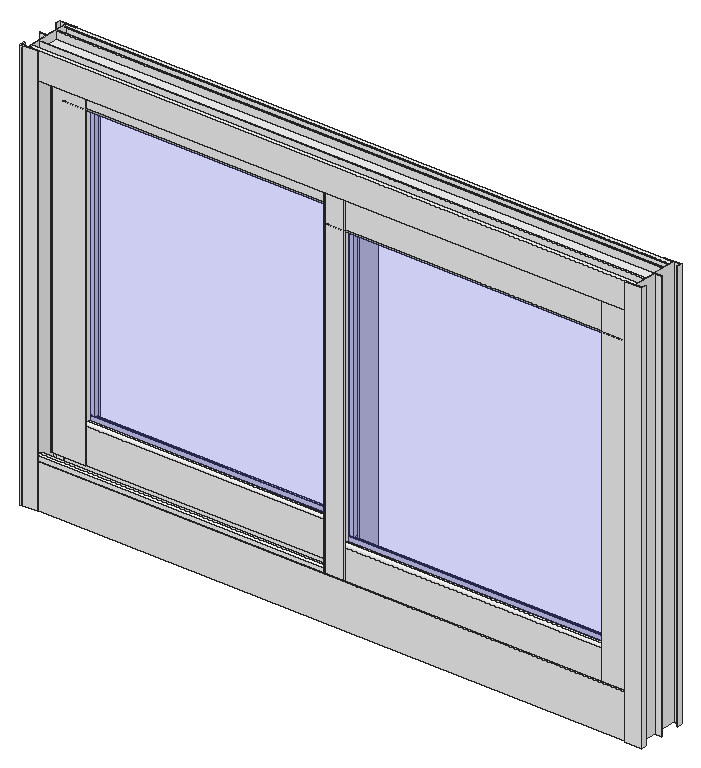
Revit family "Elite_XX_Custom", category Windows, host Wall, Revit 2014
Parameters (values of type "XX_Custom")
  Windload Design = if(Custom Windload < 1001 mm, 1000 mm, if(Custom Windload < 1501 mm, 1500 mm, 2000 mm))  # 1000 mm
  Width Sash Right [instance] = 447.9 mm
  Width Sash Left [instance] = 447.9 mm
  Wall Thickness [instance] = 200 mm
  Standard Interlocker = not(Inside Heavy Duty Interlocker)  # yes
  Sash Width Right = (Width - (2 mm * 12) - Sash Width Left) + 29.8 mm  # 447.9 mm
  Sash Width Left = if(Equal Sash Width, ((Width - (2 mm * 12)) / 2) + 14.9 mm, if(Custom Sash Width Left < Limit Sash Width Left Min, Limit Sash Width Left Min, if(Custom Sash Width Left > Limit Sash Width Left Max, Limit Sash Width Left Max, Custom Sash Width Left)))  # 447.9 mm
  Sash Side Spacing = 0.5 mm  # constant formula
  Sash Height = Height - 29 mm - 54 mm  # 507 mm
  Sash Frame Seal = 2.6 mm  # constant formula
  Rough Width = 2.5 mm
  Overall Width [instance] = 890 mm
  Overall Height [instance] = 590 mm
  Outside Heavy Duty Interlocker = if(Interlocker Configuration = 2 mm, 1 = 1, 1 = 0)  # no
  Max Pane Area = if(Area Right Sash Glazing > Area Left Sash Glazing, Area Right Sash Glazing, Area Left Sash Glazing)  # 0.160149 m²
  Limit Window Width Min = (2 * Limit Sash Width Min) + (2 mm * 12) - 29.8 mm  # 594.2 mm
  Limit Window Width Max = if(Windload Design = 1000 mm, (2 * Limit Sash Width Max) + (2 mm * 12) - 29.8 mm, if(Windload Design = 1500 mm, if(Custom Window Height > 1490 mm, 1490 mm, (2 * Limit Sash Width Max) + (2 mm * 12) - 29.8 mm), if(Custom Window Height > 1490 mm, 890 mm, (2 * Limit Sash Width Max) + (2 mm * 12) - 29.8 mm)))  # 2994.2 mm
  Limit Window Height Min = Limit Sash Height Min + (29 mm + 54 mm)  # 383 mm
  Limit Window Height Max = if(Windload Design = 1000 mm, Limit Sash Height Max + (29 mm + 54 mm), if(Windload Design = 1500 mm, if(and(Custom Window Width > 1490 mm, Custom Window Height > 1490 mm), 1490 mm, Limit Sash Height Max + (29 mm + 54 mm)), if(and(Custom Window Width > 890 mm, Custom Window Height > 1490 mm), 1490 mm, Limit Sash Height Max + (29 mm + 54 mm))))  # 1883 mm
  Limit Sash Width Min = 300 mm  # constant formula
  Limit Sash Width Max = 1500 mm  # constant formula
  Limit Sash Width Left Min = if(Width - (2 mm * 12) - Limit Sash Width Max + 29.8 mm < Limit Sash Width Min, Limit Sash Width Min, Width - (2 mm * 12) - Limit Sash Width Max + 29.8 mm)  # 300 mm
  Limit Sash Width Left Max = if(Width - (2 mm * 12) - Limit Sash Width Min + 29.8 mm > Limit Sash Width Max, Limit Sash Width Max, Width - (2 mm * 12) - Limit Sash Width Min + 29.8 mm)  # 595.8 mm
  Limit Sash Height Min = 300 mm  # constant formula
  Limit Sash Height Max = 1800 mm  # constant formula
  Interlocker Configuration = if(Windload Design = 1000 mm, if(or(not(Height > 890 mm), or(and(not(Height > 1190 mm), not(Width > 2690 mm)), and(not(Height > 1490 mm), not(Width > 890 mm)))), 0 mm, if(and(Height > 1490 mm, Width > 1190 mm), 2 mm, 1 mm)), if(Windload Design = 1500 mm, if(or(and(not(Width > 1190 mm), not(Height > 1190 mm)), not(Height > 890 mm)), 0 mm, if(or(and(Width > 1790 mm, Height > 1190 mm), and(Width > 890 mm, Height > 1490 mm)), 2 mm, 1 mm)), if(or(not(Height > 890 mm), and(not(Width > 890 mm), not(Height > 1190 mm))), 0 mm, if(or(Height > 1490 mm, and(Width > 1190 mm, Height > 1190 mm)), 2 mm, 1 mm))))  # 0 mm
  Height Sash [instance] = 507 mm
  Height = if(Custom Window Height < Limit Window Height Min, Limit Window Height Min, if(Custom Window Height > Limit Window Height Max, Limit Window Height Max, Custom Window Height))  # 590 mm
  Inside Heavy Duty Interlocker = if(or(Interlocker Configuration = 1 mm, Interlocker Configuration = 2 mm), 1 = 1, 1 = 0)  # no
  Glazing Thickness = if(not(Max Pane Area > 0.75 m²), 4 mm, if(not(Max Pane Area > 1.50 m²), 4 mm, if(not(Max Pane Area > 2.10 m²), 5 mm, if(not(Max Pane Area > 2.90 m²), 6.4 mm, if(not(Max Pane Area > 4.30 m²), 8 mm, 10 mm)))))  # 4 mm
  Glass Type = Glass
  Frame Thickness = 70.3 mm  # constant formula
  Frame Offset From Exterior [instance] = if(Centered In Wall, (Wall Thickness - Frame Thickness) / 2, Custom Frame Offset From Exterior)  # 64.85 mm
  Equal Sash Width = yes
  Default Sill Height = 800 mm
  Wall Closure = By host
  Width = if(Custom Window Width < Limit Window Width Min, Limit Window Width Min, if(Custom Window Width > Limit Window Width Max, Limit Window Width Max, Custom Window Width))  # 890 mm
  Custom Window Width = 890 mm
  Custom Window Height = 590 mm
  Custom Windload = 1000 mm
  Custom Sash Width Left = 600 mm
  Custom Frame Offset From Exterior = 0 mm
  Centered In Wall = yes
  Area Right Sash Glazing = (Sash Width Right - 21 mm - 41 mm) * (Sash Height - (46 mm * 2))  # 0.160149 m²
  Area Left Sash Glazing = (Sash Width Left - 21 mm - 41 mm) * (Sash Height - (46 mm * 2))  # 0.160149 m²
  Aluminium Finish [instance] = White Powder Coated Aluminium ANP 1052
Reference planes
  plane 1 "Center (Front/Back)": y = 0
  plane 2 "Center (Left/Right)": x = 0
  plane 3 "Left": x = -445
  plane 4 "Right": x = 445
  plane 5 "Sill": z = 800
  plane 6 "Head": z = 1390
  plane 7 "Exterior": y = 100
  plane 8 "Interior": y = -100
Lines and regions (mm)
  Opening 1
    outline origin (3500, -100, 0) x (1, 0, 0) y (0, 0, 1)
      loop
        line (-3055, 800) -> (-3055, 1390) -> (-3945, 1390) -> (-3945, 800) -> (-3055, 800)
Text (mm)
  text "EXTERIOR" at (-1963.203, 1332.353, 0), in view "Ref. Level"
  text "INTERIOR" at (-1981.466, -818.386, 0), in view "Ref. Level"
  text "Exterior" at (0, 923.751, 2943.296), in view "Right"
  text "Exterior" at (0, 1040.484, 2685.409), in view "Left"
Dimensions and locks
  equal spacing: plane 3 "Left", plane 2 "Center (Left/Right)", plane 4 "Right"
  "Width": plane 3 "Left" to plane 4 "Right"
  "Height": plane 5 "Sill" to plane 6 "Head"
  "Default Sill Height": plane 5 "Sill" to level
  locked: plane 7 "Exterior" to host wall at 0
  locked: plane 8 "Interior" to host wall
  "Overall Height": plane 6 "Head" to plane 5 "Sill"
  "Overall Width": plane 3 "Left" to plane 4 "Right"
  "Sash Side Spacing": nested 1 to nested 3
  "Sash Side Spacing": nested 2 to nested 1
  "Width Sash Left": nested 2 to nested 2
  "Height Sash": nested 2 to nested 2
  "Width Sash Right": nested 3 to nested 3
  "Frame Offset From Exterior": nested 1 to plane 7 "Exterior"
  locked: nested 1 to nested 3 at 0.7
  locked: nested 2 to nested 1 at 1
  aligned and locked: nested 1 to plane 6 "Head"
  aligned and locked: nested 1 to plane 3 "Left"
  aligned and locked: nested 3 to nested 1
  aligned and locked: nested 2 to nested 1
Automatic sketch dimensions
  plane 3 "Left" to Opening 1 sketch curve = 0 mm
  plane 4 "Right" to Opening 1 sketch curve = 0 mm
  Opening 1 sketch curve to plane 5 "Sill" = 0 mm
  Opening 1 sketch curve to plane 6 "Head" = 0 mm
Nested families
  nested 1: "Elite_Frame_OX_XX" at (445, -35.15, 800), Profile Material <- "Aluminium Finish", Width <- "Width", Height <- "Height", type "Elite_Frame_OX_XX"
    with Width 890 mm, Profile Material White Powder Coated Aluminium ANP 1052, Length Jamb 590 mm, Length Head & Sill 867 mm, Height 590 mm
  nested 2: "Elit_Sash_Inner" at (433, -30.5, 854), Profile Material <- "Aluminium Finish", Glazing Material <- "Glass Type", Sash Width <- "Sash Width Left", Sash Height <- "Sash Height", Glazing Thickness <- "Glazing Thickness", Is Heavy Duty Interlocker <- "Inside Heavy Duty Interlocker", type "Elit_Sash_Inner"
    with Sash Width 447.9 mm, Sash Height 507 mm, Right Sliding yes, Profile Material White Powder Coated Aluminium ANP 1052, Length Sash Head & Sill 431.9 mm, Length Arrow Tip 35.081 mm, Length Arrow 115.767 mm, Left Sliding no, Is Standard Interlocker yes, Is Sliding yes, Is Heavy Duty Interlocker no, Glazing Width 385.9 mm, Glazing Thickness 4 mm, Glazing Start -2 mm, Glazing Material Glass, Glazing Height 415 mm, Glazing Frame Side Gap 3 mm, Glazing End 2 mm, Arrow Tip Length 35.081 mm, Arrow Left Gap 135.067 mm, Arrow Bottom Gap 207.5 mm
  nested 3: "Elite_Sash_Outer" at (-433, 30.2, 854) x (-1, 0, 0) z (0, 0, 1), Profile Material <- "Aluminium Finish", Glazing Material <- "Glass Type", Glazing Thickness <- "Glazing Thickness", Sash Width <- "Sash Width Right", Sash Height <- "Sash Height", Is Heavy Duty Interlocker <- "Outside Heavy Duty Interlocker", type "Elite_Sash_Outer"
    with Sash Width 447.9 mm, Sash Height 507 mm, Right Sliding yes, Profile Material White Powder Coated Aluminium ANP 1052, Length Sash Head & Sill 431.9 mm, Length Arrow Tip 35.081 mm, Length Arrow 115.767 mm, Left Sliding no, Is Standard Interlocker yes, Is Sliding yes, Is Heavy Duty Interlocker no, Glazing Width 385.9 mm, Glazing Thickness 4 mm, Glazing Start -2 mm, Glazing Material Glass, Glazing Height 415 mm, Glazing Frame Side Gap 3 mm, Glazing End 2 mm, Arrow Tip Length 35.081 mm, Arrow Left Gap 135.067 mm, Arrow Bottom Gap 207.5 mm
Definition of nested family "Elite_Frame_OX_XX"
  Parameters (values of type "Elite_Frame_OX_XX")
    Width [instance] = 600 mm
    Profile Material [instance] = none
    Length Jamb [instance] = Height  # 900 mm
    Length Head & Sill [instance] = Width - 2 * 11.5 mm  # 577 mm
    Height [instance] = 900 mm
  Reference planes
    plane 1 "Center (Front/Back)": y = 0
    plane 2: z = 0
    plane 3 "Center (Left/Right)": x = 0
  Dimensions and locks
    aligned and locked: level to plane 2
    aligned and locked: nested 2 to plane 2
    aligned and locked: plane 3 "Center (Left/Right)" to nested 2
    aligned and locked: plane 1 "Center (Front/Back)" to nested 2
    aligned and locked: nested 1 to nested 2  (x2)
    aligned and locked: nested 2 to nested 3
    aligned and locked: nested 2 to nested 1
    aligned and locked: nested 4 to plane 1 "Center (Front/Back)"
    aligned and locked: nested 4 to nested 1
    aligned and locked: plane 2 to nested 4
    aligned and locked: nested 3 to nested 2
    aligned and locked: nested 3 to nested 4
  Nested families
    nested 1: "Elite_Frame_Sill" at (-11.5, 68.5, 0) x (-1, 0, 0) z (0, 0, 1), Profile Material <- "Profile Material", Length Frame Sill <- "Length Head & Sill", type "Elite_Frame_Sill"
      with Profile Material none, Length Frame Sill 577 mm
    nested 2: "Elite_Frame_Jamb_Mirror" at (-24.5, 70.3, 0) x (0, -1, 0) z (0, 0, 1), Profile Material <- "Profile Material", Length Frame Jamb <- "Length Jamb", type "Elite_Frame_Jamb_Mirror"
      with Profile Material none, Length Frame Jamb 900 mm
    nested 3: "Elite_Frame_Head" at (-588.5, 1.5, 759.46), Profile Material <- "Profile Material", Length Frame Head <- "Length Head & Sill", type "Elite_Frame_Head"
      with Profile Material none, Length Frame Head 577 mm
    nested 4: "Elite_Frame_Jamb" at (-575.5, 70.3, 0) x (0, -1, 0) z (0, 0, 1), Profile Material <- "Profile Material", Length Frame Jamb <- "Length Jamb", type "Elite_Frame_Jamb"
      with Profile Material none, Length Frame Jamb 900 mm
  Definition of nested family "Elite_Frame_Sill"
    Parameters (values of type "Elite_Frame_Sill")
      Profile Material [instance] = none
      Length Frame Sill [instance] = 250 mm
    Reference planes
      plane 1 "Center (Front/Back)": y = 0
      plane 2: z = 0
      plane 3 "Center (Left/Right)": x = 0
    Forms (mm)
      Extrusion 1, solid, material <- "Profile Material"
        sketch origin (0, 0, 0) x (0, 1, 0) y (0, 0, 1)
          loop
            line (20.5, 61.807) -> (15.922, 62.99) -> (11.5, 61.805) -> (11.5, 54) -> (12.9, 54) -> (12.9, 60.734) -> (16.078, 61.54) -> (19.1, 60.731) -> (19.1, 37) -> (12.88, 36.997) -> (0, 35.262) -> (0, 11.5) -> (1.4, 11.5) -> (1.4, 15) -> (12, 15) -> (12, 0) -> (17, 0) -> (17, 1) -> (13.4, 1) -> (13.4, 5) -> (17, 5) -> (17, 6) -> (13.4, 6) -> (13.4, 18.532) -> (65.6, 20.009) -> (65.6, 6) -> (62, 6) -> (62, 5) -> (65.6, 5) -> (65.6, 1) -> (62, 1) -> (62, 0) -> (67, 0) -> (67, 63) -> (65.6, 63) -> (65.6, 37) -> (55.5, 37) -> (55.5, 61.807) -> (50.922, 62.99) -> (46.5, 61.805) -> (46.5, 54) -> (47.9, 54) -> (47.9, 60.734) -> (51.078, 61.54) -> (54.1, 60.731) -> (54.1, 37) -> (20.5, 37) -> (20.5, 61.807)
          loop
            line (65.6, 35.6) -> (12.994, 35.6) -> (1.4, 34.038) -> (1.4, 16.4) -> (12, 16.4) -> (12, 19.893) -> (65.6, 21.409) -> (65.6, 35.6)
        from 0 to 250 <- "Length Frame Sill"
    Dimensions and locks
      aligned and locked: level to plane 2
  Definition of nested family "Elite_Frame_Jamb_Mirror"
    Parameters (values of type "Elite_Frame_Jamb_Mirror")
      Void Spacing Top = 13 mm  # constant formula
      Void Spacing Bottom = 38 mm  # constant formula
      Void Cut Length = 13 mm  # constant formula
      Profile Material [instance] = none
      Length Frame Jamb [instance] = 250 mm
    Reference planes
      plane 1 "Center (Front/Back)": y = 0
      plane 2: z = 0
      plane 3 "Center (Left/Right)": x = 0
    Forms (mm)
      Extrusion 1, solid, material <- "Profile Material"
        sketch origin (-5.594, -3.252, 0) x (1, 0, 0) y (0, 1, 0)
          loop
            line (74.394, 26.252) -> (74.394, 17.752) -> (41.394, 17.752) -> (41.394, 27.752) -> (40.094, 27.752) -> (40.094, 17.752) -> (7.094, 17.752) -> (7.094, 26.252) -> (12.594, 26.252) -> (12.594, 27.752) -> (5.594, 27.752) -> (5.594, 3.252) -> (7.094, 3.252) -> (7.094, 16.252) -> (49.743, 16.252) -> (49.743, 10.75) -> (52.03, 3.252) -> (53.599, 3.252) -> (50.994, 11.791) -> (50.994, 16.252) -> (65.494, 16.252) -> (65.494, 11.791) -> (62.888, 3.252) -> (64.457, 3.252) -> (66.744, 10.793) -> (66.744, 16.252) -> (74.394, 16.252) -> (74.394, 3.252) -> (75.894, 3.252) -> (75.894, 27.752) -> (68.894, 27.752) -> (68.894, 26.252) -> (74.394, 26.252)
        from 0 to 250 <- "Length Frame Jamb"
      Extrusion 2, void
        sketch origin (70.3, 0, 0) x (1, 0, 0) y (0, 0, -1)
          loop
            line (-26.151, -237) -> (-26.151, -250) -> (-9.15, -250) -> (-9.15, -237) -> (-26.151, -237)
          loop
            line (-26.151, -38) -> (-9.15, -38) -> (-9.15, 0) -> (-26.151, 0) -> (-26.151, -38)
        from 0 to 13 <- "Void Cut Length"
    Cuts and joins
      Extrusion 2 cuts Extrusion 1
    Dimensions and locks
      "Void Spacing Top": Extrusion 2 sketch curve to Extrusion 2 sketch curve
      "Void Spacing Bottom": Extrusion 2 sketch curve to Extrusion 2 sketch curve
      aligned and locked: level to plane 2
      aligned and locked: Extrusion 1 to Extrusion 2 sketch curve  (x2)
      aligned and locked: Extrusion 2 sketch curve to Extrusion 1
      aligned and locked: Extrusion 2 sketch curve to cut or joined group of Extrusion 1, Extrusion 2  (x3)
    Automatic sketch dimensions
      Extrusion 1 sketch curve to plane 3 "Center (Left/Right)" = 0 mm
      plane 1 "Center (Front/Back)" to Extrusion 1 sketch curve = 0 mm  (x4)
      plane 3 "Center (Left/Right)" to Extrusion 1 sketch curve = 1.5 mm  (x2)
      Extrusion 1 sketch curve to Extrusion 1 sketch curve = 5.5 mm  (x2)
      Extrusion 1 sketch curve to Extrusion 1 sketch curve = 27.5 mm
      Extrusion 1 sketch curve to Extrusion 1 sketch curve = 1.3 mm
      Extrusion 1 sketch curve to Extrusion 1 sketch curve = 8.349 mm
      Extrusion 1 sketch curve to Extrusion 1 sketch curve = 1.251 mm
      Extrusion 1 sketch curve to Extrusion 1 sketch curve = 2.288 mm
      Extrusion 1 sketch curve to Extrusion 1 sketch curve = 1.568 mm
      Extrusion 1 sketch curve to Extrusion 1 sketch curve = 9.29 mm
      Extrusion 1 sketch curve to Extrusion 1 sketch curve = 1.569 mm
      Extrusion 1 sketch curve to Extrusion 1 sketch curve = 1.037 mm
      Extrusion 1 sketch curve to Extrusion 1 sketch curve = 1.25 mm
      Extrusion 1 sketch curve to Extrusion 1 sketch curve = 2.15 mm
      Extrusion 1 sketch curve to Extrusion 1 sketch curve = 0 mm  (x3)
      Extrusion 1 sketch curve to Extrusion 1 sketch curve = 1.5 mm  (x5)
      Extrusion 1 sketch curve to plane 1 "Center (Front/Back)" = 7.498 mm
      Extrusion 1 sketch curve to plane 1 "Center (Front/Back)" = 7.54 mm
      Extrusion 1 sketch curve to Extrusion 1 sketch curve = 0.998 mm
      Extrusion 1 sketch curve to Extrusion 1 sketch curve = 1.041 mm
      Extrusion 1 sketch curve to Extrusion 1 sketch curve = 4.461 mm
      Extrusion 1 sketch curve to Extrusion 1 sketch curve = 8.5 mm  (x2)
      Extrusion 1 sketch curve to Extrusion 1 sketch curve = 10 mm
  Definition of nested family "Elite_Frame_Head"
    Parameters (values of type "Elite_Frame_Head")
      Profile Material [instance] = none
      Length Frame Head [instance] = 250 mm
    Reference planes
      plane 1 "Center (Front/Back)": y = 0
      plane 2: z = 0
      plane 3 "Center (Left/Right)": x = 0
    Forms (mm)
      Extrusion 1, solid, material <- "Profile Material"
        sketch origin (0, 0, 0) x (0, 1, 0) y (0, 0, 1)
          loop
            line (11.5, 102.54) -> (20.5, 102.54) -> (20.5, 111.54) -> (19.1, 111.54) -> (19.1, 103.94) -> (12.9, 103.94) -> (12.9, 128.64) -> (54.1, 128.64) -> (54.1, 103.94) -> (47.9, 103.94) -> (47.9, 111.54) -> (46.5, 111.54) -> (46.5, 102.54) -> (55.5, 102.54) -> (55.5, 128.64) -> (65.5, 128.64) -> (65.5, 102.54) -> (67, 102.54) -> (67, 140.54) -> (61.65, 140.54) -> (61.65, 139.14) -> (65.5, 139.14) -> (65.5, 130.04) -> (49.298, 130.04) -> (49.298, 140.54) -> (47.9, 140.54) -> (47.9, 130.04) -> (19.1, 130.04) -> (19.1, 140.54) -> (17.7, 140.54) -> (17.7, 130.04) -> (1.5, 130.04) -> (1.5, 139.14) -> (5.35, 139.14) -> (5.35, 140.54) -> (0, 140.54) -> (0, 102.54) -> (1.5, 102.54) -> (1.5, 128.64) -> (11.5, 128.64) -> (11.5, 102.54)
        from 0 to 250 <- "Length Frame Head"
    Dimensions and locks
      aligned and locked: level to plane 2
  Definition of nested family "Elite_Frame_Jamb"
    Parameters (values of type "Elite_Frame_Jamb")
      Void Spacing Top = 13 mm  # constant formula
      Void Spacing Bottom = 38 mm  # constant formula
      Void Cut Length = 13 mm  # constant formula
      Profile Material [instance] = none
      Length Frame Jamb [instance] = 250 mm
    Reference planes
      plane 1 "Center (Front/Back)": y = 0
      plane 2: z = 0
      plane 3 "Center (Left/Right)": x = 0
    Forms (mm)
      Extrusion 1, solid, material <- "Profile Material"
        sketch origin (-5.594, -3.252, 0) x (1, 0, 0) y (0, 1, 0)
          loop
            line (7.094, 26.252) -> (12.594, 26.252) -> (12.594, 27.752) -> (5.594, 27.752) -> (5.594, 3.252) -> (7.094, 3.252) -> (7.094, 16.252) -> (14.744, 16.252) -> (14.744, 10.793) -> (17.03, 3.252) -> (18.599, 3.252) -> (15.994, 11.791) -> (15.994, 16.252) -> (30.494, 16.252) -> (30.494, 11.791) -> (27.888, 3.252) -> (29.457, 3.252) -> (31.744, 10.75) -> (31.744, 16.252) -> (74.394, 16.252) -> (74.394, 3.252) -> (75.894, 3.252) -> (75.894, 27.752) -> (68.894, 27.752) -> (68.894, 26.252) -> (74.394, 26.252) -> (74.394, 17.752) -> (41.394, 17.752) -> (41.394, 27.752) -> (40.094, 27.752) -> (40.094, 17.752) -> (7.094, 17.752) -> (7.094, 26.252)
        from 0 to 250 <- "Length Frame Jamb"
      Extrusion 2, void
        sketch origin (68.8, 0, 0) x (-1, 0, 0) y (0, 0, 1)
          loop
            line (59.65, 250) -> (42.649, 250) -> (42.649, 237) -> (59.65, 237) -> (59.65, 250)
          loop
            line (42.649, 0) -> (59.65, 0) -> (59.65, 38) -> (42.649, 38) -> (42.649, 0)
        from 0 to 13 <- "Void Cut Length"
    Cuts and joins
      Extrusion 2 cuts Extrusion 1
    Dimensions and locks
      "Void Spacing Bottom": Extrusion 2 sketch curve to Extrusion 2 sketch curve
      "Void Spacing Top": Extrusion 2 sketch curve to Extrusion 2 sketch curve
      aligned and locked: level to plane 2
      aligned and locked: Extrusion 2 sketch curve to Extrusion 1  (x6)
    Automatic sketch dimensions
      plane 1 "Center (Front/Back)" to Extrusion 1 sketch curve = 0 mm  (x4)
      Extrusion 1 sketch curve to plane 3 "Center (Left/Right)" = 0 mm
      plane 3 "Center (Left/Right)" to Extrusion 1 sketch curve = 1.5 mm  (x2)
      Extrusion 1 sketch curve to Extrusion 1 sketch curve = 5.5 mm  (x2)
      Extrusion 1 sketch curve to Extrusion 1 sketch curve = 7.65 mm
      Extrusion 1 sketch curve to Extrusion 1 sketch curve = 1.25 mm
      Extrusion 1 sketch curve to Extrusion 1 sketch curve = 2.287 mm
      Extrusion 1 sketch curve to Extrusion 1 sketch curve = 1.569 mm
      Extrusion 1 sketch curve to Extrusion 1 sketch curve = 9.29 mm
      Extrusion 1 sketch curve to Extrusion 1 sketch curve = 1.568 mm
      Extrusion 1 sketch curve to Extrusion 1 sketch curve = 1.037 mm
      Extrusion 1 sketch curve to plane 1 "Center (Front/Back)" = 7.498 mm
      Extrusion 1 sketch curve to Extrusion 1 sketch curve = 1.251 mm
      Extrusion 1 sketch curve to Extrusion 1 sketch curve = 8.349 mm
      Extrusion 1 sketch curve to Extrusion 1 sketch curve = 1.3 mm
      Extrusion 1 sketch curve to Extrusion 1 sketch curve = 27.5 mm
      Extrusion 1 sketch curve to Extrusion 1 sketch curve = 0 mm  (x3)
      Extrusion 1 sketch curve to Extrusion 1 sketch curve = 1.5 mm  (x5)
      Extrusion 1 sketch curve to plane 1 "Center (Front/Back)" = 7.54 mm
      Extrusion 1 sketch curve to Extrusion 1 sketch curve = 0.998 mm
      Extrusion 1 sketch curve to Extrusion 1 sketch curve = 1.041 mm
      Extrusion 1 sketch curve to Extrusion 1 sketch curve = 4.461 mm
      Extrusion 1 sketch curve to Extrusion 1 sketch curve = 8.5 mm  (x2)
      Extrusion 1 sketch curve to Extrusion 1 sketch curve = 10 mm
Definition of nested family "Elit_Sash_Inner"
  Parameters (values of type "Elit_Sash_Inner")
    Top&Bottom Side Spacing = 14.5 mm  # constant formula
    Sash Width [instance] = 1500 mm
    Sash Height [instance] = 1200 mm
    Right Sliding [instance] = yes
    Profile Material [instance] = White Powder Coated Aluminium ANP 1052
    Overlap Gap = 1.4 mm  # constant formula
    Middle of Glazing = 13 mm  # constant formula
    Length Sash Head & Sill [instance] = Sash Width - 14.5 mm - 1.5 mm  # 1484 mm
    Length Arrow Tip [instance] = Length Arrow / 3.3  # 141.354 mm
    Length Arrow [instance] = (Sash Width - (2 * 50.3 mm)) / 3  # 466.467 mm
    Left Sliding [instance] = yes
    Is Standard Interlocker [instance] = not(Is Heavy Duty Interlocker)  # no
    Is Sliding [instance] = if(or(Right Sliding, Left Sliding), 1 = 1, 1 = 2)  # yes
    Is Heavy Duty Interlocker [instance] = yes
    Glazing Width [instance] = Sash Width - 21 mm - 41 mm  # 1438 mm
    Glazing Thickness [instance] = 6.4 mm
    Glazing Start [instance] = -Glazing Thickness / 2  # -3.2 mm
    Glazing Side Spacing = 41 mm  # constant formula
    Glazing Profile Gap = 459.05 mm
    Glazing Material [instance] = Glass
    Glazing Height [instance] = Sash Height - (46 mm * 2)  # 1108 mm
    Glazing Frame Side Gap [instance] = (10 mm - Glazing Thickness) / 2  # 1.8 mm
    Glazing Frame Gap = 5 mm  # constant formula
    Glazing End [instance] = Glazing Thickness / 2  # 3.2 mm
    Glazing Edge Interlocker Gap = 17 mm  # constant formula
    Glazing Edge Bottom and Top Gap = 46 mm  # constant formula
    Arrow Tip Length [instance] = if((Sash Height - (2 * 50.3 mm)) / 8 > Length Arrow / 3.3, Length Arrow / 3.3, (Sash Height - (2 * 50.3 mm)) / 8)  # 137.425 mm
    Arrow Tip Angle = 45.00°
    Arrow Left Gap [instance] = (Sash Width - 21 mm - 41 mm - Length Arrow) / 2  # 485.767 mm
    Arrow Bottom Gap [instance] = Sash Height / 2 - 46 mm  # 554 mm
    1.5 Spacing = 1.5 mm  # constant formula
  Reference planes
    plane 1 "Center (Front/Back)": y = 0
    plane 2: z = 0
    plane 3 "Center (Left/Right)": x = 0
    plane 4: y = -13
  Forms (mm)
    Extrusion 1, solid, material "Glass" <- "Glazing Material"
      sketch origin (-1492.688, -13, 1709.9) x (-1, 0, 0) y (0, 0, 1)
        loop
          line (-13.688, -555.9) -> (-1451.688, -555.9) -> (-1451.688, -1663.9) -> (-13.688, -1663.9) -> (-13.688, -555.9)
      from -3.2 <- "Glazing Start" to 3.2 <- "Glazing End"
  Lines and regions (mm)
    model lines, visible <- "Is Sliding"
      curve 1: line (-993.233, -16.2, 600) -> (-526.767, -16.2, 600)
    model lines, visible <- "Left Sliding"
      curve 2: line (-526.767, -16.2, 600) -> (-623.941, -16.2, 697.174)
      curve 3: line (-526.767, -16.2, 600) -> (-623.941, -16.2, 502.826)
    model lines, visible <- "Right Sliding"
      curve 4: line (-993.233, -16.2, 600) -> (-893.281, -16.2, 699.952)
      curve 5: line (-993.233, -16.2, 600) -> (-893.281, -16.2, 500.048)
  Dimensions and locks
    "Length Arrow": curve 1 to curve 1
    "Arrow Left Gap": Extrusion 1 to curve 1
    "Arrow Bottom Gap": Extrusion 1 to curve 1
    "Arrow Tip Length": curve 3 to curve 2
    "Arrow Tip Length": curve 3 to curve 3
    "Length Arrow Tip": curve 5 to curve 5
    "Length Arrow Tip": curve 5 to curve 4
    "Middle of Glazing": plane 4 to plane 1 "Center (Front/Back)"
    "Glazing Width": Extrusion 1 to Extrusion 1
    "Glazing Height": Extrusion 1 to Extrusion 1
    "Sash Width": nested 2 to plane 3 "Center (Left/Right)"
    "Glazing Side Spacing": Extrusion 1 to plane 3 "Center (Left/Right)"
    "1.5 Spacing": nested 3 to plane 1 "Center (Front/Back)"
    "Top&Bottom Side Spacing": nested 3 to plane 3 "Center (Left/Right)"
    "Top&Bottom Side Spacing": nested 4 to plane 3 "Center (Left/Right)"
    "1.5 Spacing": nested 4 to plane 1 "Center (Front/Back)"
    "Sash Height": nested 3 to plane 2
    "Glazing Edge Bottom and Top Gap": plane 2 to Extrusion 1
    "Sash Width": nested 5 to plane 3 "Center (Left/Right)"
    "Arrow Tip Angle": angle curve 3 to curve 1
    "Arrow Tip Angle": angle curve 1 to curve 2
    "Arrow Tip Angle": angle curve 4 to curve 1
    "Arrow Tip Angle": angle curve 1 to curve 5
    aligned and locked: level to plane 2
    aligned and locked: plane 3 "Center (Left/Right)" to nested 1
    aligned and locked: nested 1 to plane 2
    aligned and locked: nested 4 to plane 2
    aligned and locked: nested 2 to plane 2
    aligned and locked: nested 2 to plane 1 "Center (Front/Back)"
    aligned and locked: nested 5 to plane 1 "Center (Front/Back)"
    aligned and locked: nested 5 to plane 2
  Automatic sketch dimensions
    Extrusion 1 sketch curve to Extrusion 1 sketch curve = 1108 mm
    level to Extrusion 1 sketch curve = 46 mm
    Extrusion 1 sketch curve to plane 3 "Center (Left/Right)" = 41 mm
    Extrusion 1 sketch curve to Extrusion 1 sketch curve = 1438 mm
  Nested families
    nested 1: "Elite_Lock_Stile" at (0, -26, 0) x (0, 1, 0) z (0, 0, 1), Profile Material <- "Profile Material", Length Lock Stile <- "Sash Height", type "Elite_Lock_Stile"
      with Profile Material White Powder Coated Aluminium ANP 1052, Length Lock Stile 1200 mm
    nested 2: "Elite_Interlocker" at (-1506.667, 6.916, 0) x (0, -1, 0) z (0, 0, 1), Profile Material <- "Profile Material", Length Interlocker <- "Sash Height", visible <- "Is Standard Interlocker", type "Elite_Interlocker"
      with Profile Material White Powder Coated Aluminium ANP 1052, Length Interlocker 1200 mm
    nested 3: "Elite_Sash_Top" at (-1498.5, -24.2, 1052), Profile Material <- "Profile Material", Length Sash Top <- "Length Sash Head & Sill", type "Elite_Sash_Top"
      with Profile Material White Powder Coated Aluminium ANP 1052, Length Sash Top 1484 mm
    nested 4: "Elite_Sash_Bottom" at (-1498.5, -24.2, 0), Profile Material <- "Profile Material", Length Sash Bottom <- "Length Sash Head & Sill", type "Elite_Sash_Bottom"
      with Profile Material White Powder Coated Aluminium ANP 1052, Length Sash Bottom 1484 mm
    nested 5: "Elite_Heavy_Duty_Interlocker_Inside" at (-1500, 20, 0) x (0, -1, 0) z (0, 0, 1), Length Heavy Duty Interlocker <- "Sash Height", Profile Material <- "Profile Material", visible <- "Is Heavy Duty Interlocker", type "Elite_Heavy_Duty_Interlocker_Inside"
      with Profile Material White Powder Coated Aluminium ANP 1052, Length Heavy Duty Interlocker 1200 mm
  Definition of nested family "Elite_Lock_Stile"
    Parameters (values of type "Elite_Lock_Stile")
      Width Rail Cut = 13 mm  # constant formula
      Side Gap Rail Cut = 5 mm  # constant formula
      Profile Material [instance] = none
      Length Lock Stile [instance] = 250 mm
      Height Rail Cut = 26 mm  # constant formula
      Height Large Cut = 55 mm  # constant formula
    Reference planes
      plane 1 "Center (Front/Back)": y = 0
      plane 2: z = 0
      plane 3 "Center (Left/Right)": x = 0
    Forms (mm)
      Extrusion 1, solid, material <- "Profile Material"
        sketch origin (0, 0, 0) x (1, 0, 0) y (0, 1, 0)
          loop
            line (0, 0) -> (3.5, 0) -> (3.5, 2.4) -> (2.5, 2.4) -> (2.5, 1.2) -> (1.2, 1.2) -> (1.2, 8.8) -> (2.5, 8.8) -> (2.5, 7.6) -> (3.5, 7.6) -> (3.5, 10) -> (1.5, 10) -> (1.5, 13) -> (24.5, 13) -> (24.5, 10) -> (22.5, 10) -> (22.5, 7.6) -> (23.5, 7.6) -> (23.5, 8.8) -> (24.8, 8.8) -> (24.8, 1.2) -> (23.5, 1.2) -> (23.5, 2.4) -> (22.5, 2.4) -> (22.5, 0) -> (26, 0) -> (26, 49.8) -> (24.5, 49.8) -> (24.5, 49) -> (18, 49) -> (18, 43) -> (19.5, 43) -> (19.5, 47.5) -> (24.5, 47.5) -> (24.5, 36) -> (1.5, 36) -> (1.5, 47.5) -> (6.5, 47.5) -> (6.5, 43) -> (8, 43) -> (8, 49) -> (1.5, 49) -> (1.5, 49.8) -> (0, 49.8) -> (0, 0)
          loop
            line (1.5, 14.5) -> (24.5, 14.5) -> (24.5, 34.5) -> (13, 34.5) -> (1.5, 34.5) -> (1.5, 14.5)
        from 0 to 250 <- "Length Lock Stile"
      Extrusion 2, void
        sketch origin (24.4, 49, 0) x (1, 0, 0) y (0, 0, 1)
          loop
            line (0.1, 250) -> (-22.9, 250) -> (-22.9, 195) -> (0.1, 195) -> (0.1, 250)
          loop
            line (-22.9, 0) -> (0.1, 0) -> (0.1, 55) -> (-22.9, 55) -> (-22.9, 0)
        from 0 to 25
      Extrusion 3, void
        sketch origin (13, 14.5, 0) x (1, 0, 0) y (0, 0, 1)
          loop
            line (6.5, 250) -> (-6.5, 250) -> (-6.5, 224) -> (6.5, 224) -> (6.5, 250)
          loop
            line (6.5, 0) -> (6.5, 26) -> (-6.5, 26) -> (-6.5, 0) -> (6.5, 0)
        from 0 to 250
    Cuts and joins
      Extrusion 2, Extrusion 3 cuts Extrusion 1
    Dimensions and locks
      "Height Large Cut": Extrusion 2 sketch curve to Extrusion 2 sketch curve  (x2)
      "Height Rail Cut": Extrusion 3 sketch curve to Extrusion 3 sketch curve  (x2)
      "Width Rail Cut": Extrusion 3 sketch curve to Extrusion 3 sketch curve  (x2)
      "Side Gap Rail Cut": Extrusion 3 sketch curve to cut or joined group of Extrusion 1, Extrusion 2, Extrusion 3  (x2)
      aligned and locked: level to plane 2
      aligned and locked: Extrusion 1 to Extrusion 2 sketch curve  (x2)
      aligned and locked: Extrusion 2 sketch curve to Extrusion 1  (x4)
      aligned and locked: Extrusion 3 sketch curve to cut or joined group of Extrusion 1, Extrusion 2, Extrusion 3
      aligned and locked: cut or joined group of Extrusion 1, Extrusion 2, Extrusion 3 to Extrusion 3 sketch curve
    Automatic sketch dimensions
      Extrusion 1 sketch curve to plane 3 "Center (Left/Right)" = 0 mm
      plane 1 "Center (Front/Back)" to Extrusion 1 sketch curve = 0 mm  (x2)
      plane 3 "Center (Left/Right)" to Extrusion 1 sketch curve = 1.2 mm
      plane 3 "Center (Left/Right)" to Extrusion 1 sketch curve = 1.5 mm  (x2)
      Extrusion 1 sketch curve to Extrusion 1 sketch curve = 0 mm  (x4)
      Extrusion 1 sketch curve to Extrusion 1 sketch curve = 0.3 mm  (x2)
      Extrusion 1 sketch curve to Extrusion 1 sketch curve = 1.3 mm  (x2)
      Extrusion 1 sketch curve to Extrusion 1 sketch curve = 1 mm  (x4)
      Extrusion 1 sketch curve to Extrusion 1 sketch curve = 5 mm  (x4)
      Extrusion 1 sketch curve to Extrusion 1 sketch curve = 1.5 mm  (x6)
      Extrusion 1 sketch curve to plane 1 "Center (Front/Back)" = 2.4 mm
      Extrusion 1 sketch curve to Extrusion 1 sketch curve = 19 mm
      Extrusion 1 sketch curve to Extrusion 1 sketch curve = 2 mm
      Extrusion 1 sketch curve to Extrusion 1 sketch curve = 1.2 mm  (x6)
      Extrusion 1 sketch curve to plane 1 "Center (Front/Back)" = 1.2 mm  (x2)
      Extrusion 1 sketch curve to Extrusion 1 sketch curve = 5.2 mm  (x2)
      Extrusion 1 sketch curve to Extrusion 1 sketch curve = 3 mm
      Extrusion 1 sketch curve to Extrusion 1 sketch curve = 20 mm
      Extrusion 1 sketch curve to Extrusion 1 sketch curve = 7 mm  (x2)
      Extrusion 1 sketch curve to Extrusion 1 sketch curve = 4.5 mm  (x2)
      Extrusion 1 sketch curve to Extrusion 1 sketch curve = 0.8 mm  (x2)
  Definition of nested family "Elite_Interlocker"
    Parameters (values of type "Elite_Interlocker")
      Rail Cut Width = 13 mm  # constant formula
      Rail Cut Side Spacing = 5 mm  # constant formula
      Rail Cut Height = 26 mm  # constant formula
      Profile Material [instance] = none
      Length Interlocker [instance] = 250 mm
      Large Cut Height = 55 mm  # constant formula
    Reference planes
      plane 1 "Center (Front/Back)": y = 0
      plane 2: z = 0
      plane 3 "Center (Left/Right)": x = 0
    Forms (mm)
      Extrusion 1, solid, material <- "Profile Material"
        sketch origin (0, 0, 0) x (1, 0, 0) y (0, 1, 0)
          loop
            line (6.916, 36.467) -> (6.916, 6.667) -> (39.416, 6.667) -> (39.416, 9.551) -> (38.416, 9.551) -> (38.416, 8.167) -> (37.116, 8.167) -> (37.116, 9.551) -> (36.116, 9.551) -> (36.116, 8.167) -> (32.916, 8.167) -> (32.916, 15.167) -> (36.116, 15.167) -> (36.116, 13.78) -> (37.116, 13.78) -> (37.116, 15.167) -> (38.416, 15.167) -> (38.416, 13.78) -> (39.416, 13.78) -> (39.416, 25.167)
            arc (39.416, 25.167) -> (38.973, 25.663) -> (38.429, 25.28) r 0.5
            line (38.429, 25.28) -> (36.426, 16.667) -> (32.916, 16.667) -> (32.916, 36.467) -> (31.416, 36.467) -> (31.416, 35.667) -> (24.916, 35.667) -> (24.916, 29.667) -> (26.416, 29.667) -> (26.416, 34.167) -> (31.416, 34.167) -> (31.416, 22.667) -> (19.916, 22.667) -> (8.416, 22.667) -> (8.416, 34.167) -> (13.416, 34.167) -> (13.416, 29.667) -> (14.916, 29.667) -> (14.916, 35.667) -> (8.416, 35.667) -> (8.416, 36.467) -> (6.916, 36.467)
          loop
            line (8.416, 21.167) -> (8.416, 8.167) -> (31.416, 8.167) -> (31.416, 21.167) -> (19.916, 21.167) -> (8.416, 21.167)
        from 0 to 250 <- "Length Interlocker"
      Extrusion 2, void
        sketch origin (14.616, 35.667, 0) x (1, 0, 0) y (0, 0, 1)
          loop
            line (11.8, 250) -> (-1.2, 250) -> (-1.2, 224) -> (11.8, 224) -> (11.8, 250)
          loop
            line (-1.2, 0) -> (11.8, 0) -> (11.8, 26) -> (-1.2, 26) -> (-1.2, 0)
        from 0 to 250
      Extrusion 3, void
        sketch origin (31.316, 35.667, 0) x (1, 0, 0) y (0, 0, 1)
          loop
            line (0.1, 250) -> (-22.9, 250) -> (-22.9, 195) -> (0.1, 195) -> (0.1, 250)
          loop
            line (-22.9, 0) -> (0.1, 0) -> (0.1, 55) -> (-22.9, 55) -> (-22.9, 0)
        from 0 to 25
    Cuts and joins
      Extrusion 2, Extrusion 3 cuts Extrusion 1
    Dimensions and locks
      "Rail Cut Width": Extrusion 2 sketch curve to Extrusion 2 sketch curve  (x2)
      "Rail Cut Side Spacing": Extrusion 2 sketch curve to Extrusion 1  (x2)
      "Rail Cut Height": Extrusion 2 sketch curve to Extrusion 2 sketch curve  (x2)
      "Large Cut Height": Extrusion 3 sketch curve to Extrusion 3 sketch curve  (x2)
      aligned and locked: level to plane 2
      aligned and locked: Extrusion 1 to Extrusion 2 sketch curve  (x2)
      aligned and locked: Extrusion 3 sketch curve to cut or joined group of Extrusion 1, Extrusion 2, Extrusion 3  (x4)
      aligned and locked: cut or joined group of Extrusion 1, Extrusion 2, Extrusion 3 to Extrusion 3 sketch curve  (x2)
    Automatic sketch dimensions
      plane 3 "Center (Left/Right)" to Extrusion 1 sketch curve = 6.916 mm
      plane 3 "Center (Left/Right)" to Extrusion 1 sketch curve = 8.416 mm
      Extrusion 1 sketch curve to Extrusion 1 sketch curve = 1.5 mm  (x11)
      Extrusion 1 sketch curve to Extrusion 1 sketch curve = 0 mm  (x6)
      Extrusion 1 sketch curve to Extrusion 1 sketch curve = 5 mm  (x4)
      Extrusion 1 sketch curve to Extrusion 1 sketch curve = 3.2 mm  (x2)
      Extrusion 1 sketch curve to Extrusion 1 sketch curve = 0.31 mm
      Extrusion 1 sketch curve to Extrusion 1 sketch curve = 1 mm  (x4)
      Extrusion 1 sketch curve to Extrusion 1 sketch curve = 1.3 mm  (x2)
      Extrusion 1 sketch curve to Extrusion 1 sketch curve = 7.013 mm
      Extrusion 1 sketch curve to Extrusion 1 sketch curve = 0.487 mm
      Extrusion 1 sketch curve to plane 1 "Center (Front/Back)" = 6.667 mm
      Extrusion 1 sketch curve to Extrusion 1 sketch curve = 1.384 mm  (x2)
      Extrusion 1 sketch curve to Extrusion 1 sketch curve = 4.229 mm
      Extrusion 1 sketch curve to Extrusion 1 sketch curve = 1.387 mm  (x2)
      Extrusion 1 sketch curve to Extrusion 1 sketch curve = 13 mm
      Extrusion 1 sketch curve to Extrusion 1 sketch curve = 2.5 mm
      Extrusion 1 sketch curve to Extrusion 1 sketch curve = 7 mm  (x2)
      Extrusion 1 sketch curve to Extrusion 1 sketch curve = 4.5 mm  (x2)
      Extrusion 1 sketch curve to Extrusion 1 sketch curve = 0.8 mm  (x2)
  Definition of nested family "Elite_Sash_Top"
    Parameters (values of type "Elite_Sash_Top")
      Profile Material [instance] = none
      Length Sash Top [instance] = 250 mm
    Reference planes
      plane 1 "Center (Front/Back)": y = 0
      plane 2: z = 0
      plane 3 "Center (Left/Right)": x = 0
    Forms (mm)
      Extrusion 1, solid, material <- "Profile Material"
        sketch origin (0, -88.953, -123.01) x (0, 1, 0) y (0, 0, 1)
          loop
            line (92.953, 217.01) -> (95.303, 217.01) -> (95.303, 223.01) -> (93.853, 223.01) -> (93.853, 218.46) -> (92.953, 218.46)
            arc (92.953, 218.46) -> (91.15, 219.207) -> (90.403, 221.01) r 2.55
            line (90.403, 221.01) -> (90.403, 230.06) -> (110.203, 230.06) -> (110.203, 221.01)
            arc (110.203, 221.01) -> (109.456, 219.207) -> (107.653, 218.46) r 2.55
            line (107.653, 218.46) -> (106.753, 218.46) -> (106.753, 223.01) -> (105.303, 223.01) -> (105.303, 217.01) -> (107.653, 217.01)
            arc (107.653, 217.01) -> (110.482, 218.181) -> (111.653, 221.01) r 4
            line (111.653, 221.01) -> (111.653, 271.01) -> (107.403, 271.01) -> (107.403, 268.61) -> (108.603, 268.61) -> (108.603, 269.81) -> (110.203, 269.81) -> (110.203, 262.21) -> (108.603, 262.21) -> (108.603, 263.41) -> (107.403, 263.41) -> (107.403, 261.01) -> (110.203, 261.01) -> (110.203, 231.51) -> (90.403, 231.51) -> (90.403, 261.01) -> (93.203, 261.01) -> (93.203, 263.41) -> (92.003, 263.41) -> (92.003, 262.21) -> (90.403, 262.21) -> (90.403, 269.81) -> (92.003, 269.81) -> (92.003, 268.61) -> (93.203, 268.61) -> (93.203, 271.01) -> (88.953, 271.01) -> (88.953, 221.01)
            arc (88.953, 221.01) -> (90.125, 218.181) -> (92.953, 217.01) r 4
        from 0 to 250 <- "Length Sash Top"
    Dimensions and locks
      aligned and locked: level to plane 2
  Definition of nested family "Elite_Sash_Bottom"
    Parameters (values of type "Elite_Sash_Bottom")
      Profile Material [instance] = none
      Length Sash Bottom [instance] = 250 mm
    Reference planes
      plane 1 "Center (Front/Back)": y = 0
      plane 2: z = 0
      plane 3 "Center (Left/Right)": x = 0
    Forms (mm)
      Extrusion 1, solid, material <- "Profile Material"
        sketch origin (0, -88.953, -123.01) x (0, 1, 0) y (0, 0, 1)
          loop
            arc (92.953, 177.01) -> (90.125, 175.838) -> (88.953, 173.01) r 4
            line (88.953, 173.01) -> (88.953, 123.01) -> (93.203, 123.01) -> (93.203, 125.41) -> (92.003, 125.41) -> (92.003, 124.21) -> (90.403, 124.21) -> (90.403, 131.81) -> (92.003, 131.81) -> (92.003, 130.61) -> (93.203, 130.61) -> (93.203, 133.01) -> (90.403, 133.01) -> (90.403, 162.51) -> (110.203, 162.51) -> (110.203, 133.01) -> (107.403, 133.01) -> (107.403, 130.61) -> (108.603, 130.61) -> (108.603, 131.81) -> (110.203, 131.81) -> (110.203, 124.21) -> (108.603, 124.21) -> (108.603, 125.41) -> (107.403, 125.41) -> (107.403, 123.01) -> (111.653, 123.01) -> (111.653, 173.01)
            arc (111.653, 173.01) -> (110.482, 175.838) -> (107.653, 177.01) r 4
            line (107.653, 177.01) -> (105.303, 177.01) -> (105.303, 171.01) -> (106.753, 171.01) -> (106.753, 175.56) -> (107.653, 175.56)
            arc (107.653, 175.56) -> (109.456, 174.813) -> (110.203, 173.01) r 2.55
            line (110.203, 173.01) -> (110.203, 163.96) -> (90.403, 163.96) -> (90.403, 173.01)
            arc (90.403, 173.01) -> (91.15, 174.813) -> (92.953, 175.56) r 2.55
            line (92.953, 175.56) -> (93.853, 175.56) -> (93.853, 171.01) -> (95.303, 171.01) -> (95.303, 177.01) -> (92.953, 177.01)
        from 0 to 250 <- "Length Sash Bottom"
    Dimensions and locks
      aligned and locked: level to plane 2
  Definition of nested family "Elite_Heavy_Duty_Interlocker_Inside"
    Parameters (values of type "Elite_Heavy_Duty_Interlocker_Inside")
      Side Cut Width = 20 mm  # constant formula
      Side Cut Height Top = 26 mm  # constant formula
      Side Cut Height Bottom = 50 mm  # constant formula
      Profile Material [instance] = none
      Length Heavy Duty Interlocker [instance] = 250 mm
      Large Cut Height = 55 mm  # constant formula
      Cut Width = 13 mm  # constant formula
      Cut Side Spacing = 5 mm  # constant formula
      Cut Height = 26 mm  # constant formula
    Reference planes
      plane 1 "Center (Front/Back)": y = 0
      plane 2: z = 0
      plane 3 "Center (Left/Right)": x = 0
    Forms (mm)
      Extrusion 1, solid, material <- "Profile Material"
        sketch origin (0, 0, 0) x (1, 0, 0) y (0, 1, 0)
          loop
            arc (4, 27.5) -> (2.232, 26.768) -> (1.5, 25) r 2.5
            line (1.5, 25) -> (1.5, 4)
            arc (1.5, 4) -> (2.232, 2.232) -> (4, 1.5) r 2.5
            line (4, 1.5) -> (20, 1.5) -> (20, 27.5) -> (4, 27.5)
          loop
            line (21.5, 14.5) -> (21.5, 1.5) -> (33, 1.5) -> (44.5, 1.5) -> (44.5, 14.5) -> (33, 14.5) -> (21.5, 14.5)
          loop
            line (46, 10) -> (46, 29.8) -> (44.5, 29.8) -> (44.5, 29) -> (38, 29) -> (38, 23) -> (39.5, 23) -> (39.5, 27.5) -> (44.5, 27.5) -> (44.5, 16) -> (33, 16) -> (21.5, 16) -> (21.5, 27.5) -> (26.5, 27.5) -> (26.5, 23) -> (28, 23) -> (28, 29) -> (21.5, 29) -> (21.5, 29.8) -> (20, 29.8) -> (20, 29) -> (4, 29)
            arc (4, 29) -> (1.172, 27.828) -> (0, 25) r 4
            line (0, 25) -> (0, 4)
            arc (0, 4) -> (1.172, 1.172) -> (4, 0) r 4
            line (4, 0) -> (52.5, 0) -> (52.5, 2.866) -> (51.5, 2.866) -> (51.5, 1.5) -> (50.2, 1.5) -> (50.2, 2.866) -> (49.2, 2.866) -> (49.2, 1.5) -> (46, 1.5) -> (46, 8.5) -> (49.2, 8.5) -> (49.2, 7.121) -> (50.2, 7.121) -> (50.2, 8.5) -> (51.5, 8.5) -> (51.5, 7.121) -> (52.5, 7.121) -> (52.5, 18.5)
            arc (52.5, 18.5) -> (52.057, 18.997) -> (51.513, 18.613) r 0.5
            line (51.513, 18.613) -> (49.51, 10) -> (46, 10)
        from 0 to 250 <- "Length Heavy Duty Interlocker"
      Extrusion 2, void
        sketch origin (44.4, 29, 0) x (1, 0, 0) y (0, 0, 1)
          loop
            line (-4.9, 250) -> (-17.9, 250) -> (-17.9, 224) -> (-4.9, 224) -> (-4.9, 250)
          loop
            line (-4.9, 0) -> (-4.9, 26) -> (-17.9, 26) -> (-17.9, 0) -> (-4.9, 0)
        from 0 to 250
      Extrusion 3, void
        sketch origin (44.4, 29, 0) x (1, 0, 0) y (0, 0, 1)
          loop
            line (0.1, 250) -> (-22.9, 250) -> (-22.9, 195) -> (0.1, 195) -> (0.1, 250)
          loop
            line (0.1, 0) -> (0.1, 55) -> (-22.9, 55) -> (-22.9, 0) -> (0.1, 0)
        from 0 to 25
      Extrusion 4, void
        sketch origin (20, 29.8, 0) x (-1, 0, 0) y (0, 0, -1)
          loop
            line (0, -250) -> (20, -250) -> (20, -224) -> (0, -224) -> (0, -250)
          loop
            line (0, 0) -> (0, -50) -> (20, -50) -> (20, 0) -> (0, 0)
        from 0 to 250
    Cuts and joins
      Extrusion 2, Extrusion 3, Extrusion 4 cuts Extrusion 1
    Dimensions and locks
      "Cut Width": Extrusion 2 sketch curve to Extrusion 2 sketch curve  (x2)
      "Cut Side Spacing": Extrusion 2 sketch curve to Extrusion 1  (x2)
      "Cut Height": Extrusion 2 sketch curve to Extrusion 2 sketch curve  (x2)
      "Large Cut Height": Extrusion 3 sketch curve to Extrusion 3 sketch curve  (x2)
      "Side Cut Width": Extrusion 4 sketch curve to cut or joined group of Extrusion 1, Extrusion 2, Extrusion 3, Extrusion 4
      "Side Cut Height Top": Extrusion 4 sketch curve to Extrusion 4 sketch curve
      "Side Cut Width": Extrusion 4 sketch curve to Extrusion 4 sketch curve
      "Side Cut Height Bottom": Extrusion 4 sketch curve to Extrusion 4 sketch curve
      aligned and locked: level to plane 2
      aligned and locked: Extrusion 2 sketch curve to Extrusion 1
      aligned and locked: Extrusion 1 to Extrusion 2 sketch curve
      aligned and locked: cut or joined group of Extrusion 1, Extrusion 2, Extrusion 3, Extrusion 4 to Extrusion 3 sketch curve  (x2)
      aligned and locked: Extrusion 3 sketch curve to cut or joined group of Extrusion 1, Extrusion 2, Extrusion 3, Extrusion 4  (x4)
      aligned and locked: Extrusion 4 sketch curve to cut or joined group of Extrusion 1, Extrusion 2, Extrusion 3, Extrusion 4  (x2)
      aligned and locked: cut or joined group of Extrusion 1, Extrusion 2, Extrusion 3, Extrusion 4 to Extrusion 4 sketch curve  (x2)
    Automatic sketch dimensions
      Extrusion 1 sketch curve to Extrusion 1 sketch curve = 0 mm  (x11)
      Extrusion 1 sketch curve to plane 3 "Center (Left/Right)" = 0 mm
      plane 1 "Center (Front/Back)" to Extrusion 1 sketch curve = 0 mm
      plane 3 "Center (Left/Right)" to Extrusion 1 sketch curve = 1.5 mm
      Extrusion 1 sketch curve to Extrusion 1 sketch curve = 2.5 mm  (x3)
      Extrusion 1 sketch curve to Extrusion 1 sketch curve = 16 mm
      Extrusion 1 sketch curve to Extrusion 1 sketch curve = 1.5 mm  (x10)
      Extrusion 1 sketch curve to Extrusion 1 sketch curve = 5 mm  (x3)
      Extrusion 1 sketch curve to plane 1 "Center (Front/Back)" = 1.5 mm  (x3)
      Extrusion 1 sketch curve to Extrusion 1 sketch curve = 11.5 mm  (x2)
      Extrusion 1 sketch curve to Extrusion 1 sketch curve = 10 mm
      Extrusion 1 sketch curve to Extrusion 1 sketch curve = 3.2 mm  (x2)
      Extrusion 1 sketch curve to plane 1 "Center (Front/Back)" = 10 mm
      Extrusion 1 sketch curve to Extrusion 1 sketch curve = 0.31 mm
      Extrusion 1 sketch curve to Extrusion 1 sketch curve = 1 mm  (x4)
      Extrusion 1 sketch curve to Extrusion 1 sketch curve = 1.3 mm  (x2)
      Extrusion 1 sketch curve to Extrusion 1 sketch curve = 7.013 mm
      Extrusion 1 sketch curve to Extrusion 1 sketch curve = 0.487 mm
      Extrusion 1 sketch curve to Extrusion 1 sketch curve = 1.366 mm
      Extrusion 1 sketch curve to Extrusion 1 sketch curve = 2.879 mm
      Extrusion 1 sketch curve to Extrusion 1 sketch curve = 4.5 mm  (x3)
      Extrusion 1 sketch curve to Extrusion 1 sketch curve = 7 mm  (x2)
      Extrusion 1 sketch curve to Extrusion 1 sketch curve = 9 mm
      Extrusion 1 sketch curve to Extrusion 1 sketch curve = 0.8 mm  (x2)
Definition of nested family "Elite_Sash_Outer"
  Parameters (values of type "Elite_Sash_Outer")
    Top&Bottom Side Spacing = 14.5 mm  # constant formula
    Sash Width [instance] = 1500 mm
    Sash Height [instance] = 1200 mm
    Right Sliding [instance] = yes
    Profile Material [instance] = White Powder Coated Aluminium ANP 1052
    Overlap Gap = 1.4 mm  # constant formula
    Middle of Glazing = 13 mm  # constant formula
    Length Sash Head & Sill [instance] = Sash Width - 14.5 mm - 1.5 mm  # 1484 mm
    Length Arrow Tip [instance] = Length Arrow / 3.3  # 141.354 mm
    Length Arrow [instance] = (Sash Width - (2 * 50.3 mm)) / 3  # 466.467 mm
    Left Sliding [instance] = yes
    Is Standard Interlocker [instance] = not(Is Heavy Duty Interlocker)  # no
    Is Sliding [instance] = if(or(Right Sliding, Left Sliding), 1 = 1, 1 = 2)  # yes
    Is Heavy Duty Interlocker [instance] = yes
    Glazing Width [instance] = Sash Width - 21 mm - 41 mm  # 1438 mm
    Glazing Thickness [instance] = 6.4 mm
    Glazing Start [instance] = -Glazing Thickness / 2  # -3.2 mm
    Glazing Side Spacing = 41 mm  # constant formula
    Glazing Profile Gap = 459.05 mm
    Glazing Material [instance] = Glass
    Glazing Height [instance] = Sash Height - (46 mm * 2)  # 1108 mm
    Glazing Frame Side Gap [instance] = (10 mm - Glazing Thickness) / 2  # 1.8 mm
    Glazing Frame Gap = 5 mm  # constant formula
    Glazing End [instance] = Glazing Thickness / 2  # 3.2 mm
    Glazing Edge Interlocker Gap = 17 mm  # constant formula
    Glazing Edge Bottom and Top Gap = 46 mm  # constant formula
    Arrow Tip Length [instance] = if((Sash Height - (2 * 50.3 mm)) / 8 > Length Arrow / 3.3, Length Arrow / 3.3, (Sash Height - (2 * 50.3 mm)) / 8)  # 137.425 mm
    Arrow Tip Angle = 45.00°
    Arrow Left Gap [instance] = (Sash Width - 21 mm - 41 mm - Length Arrow) / 2  # 485.767 mm
    Arrow Bottom Gap [instance] = Sash Height / 2 - 46 mm  # 554 mm
    1.5 Spacing = 1.5 mm  # constant formula
  Reference planes
    plane 1 "Center (Front/Back)": y = 0
    plane 2: z = 0
    plane 3 "Center (Left/Right)": x = 0
    plane 4: y = -13
  Forms (mm)
    Extrusion 1, solid, material "Glass" <- "Glazing Material"
      sketch origin (-1492.688, -13, 1709.9) x (-1, 0, 0) y (0, 0, 1)
        loop
          line (-13.688, -555.9) -> (-1451.688, -555.9) -> (-1451.688, -1663.9) -> (-13.688, -1663.9) -> (-13.688, -555.9)
      from -3.2 <- "Glazing Start" to 3.2 <- "Glazing End"
  Lines and regions (mm)
    model lines, visible <- "Is Sliding"
      curve 1: line (-993.233, -9.8, 600) -> (-526.767, -9.8, 600)
    model lines, visible <- "Left Sliding"
      curve 2: line (-526.767, -9.8, 600) -> (-623.941, -9.8, 697.174)
      curve 3: line (-526.767, -9.8, 600) -> (-623.941, -9.8, 502.826)
    model lines, visible <- "Right Sliding"
      curve 4: line (-993.233, -9.8, 600) -> (-893.281, -9.8, 699.952)
      curve 5: line (-993.233, -9.8, 600) -> (-893.281, -9.8, 500.048)
  Dimensions and locks
    "Length Arrow": curve 1 to curve 1
    "Arrow Left Gap": Extrusion 1 to curve 1
    "Arrow Bottom Gap": Extrusion 1 to curve 1
    "Arrow Tip Length": curve 3 to curve 2
    "Arrow Tip Length": curve 3 to curve 3
    "Length Arrow Tip": curve 5 to curve 5
    "Length Arrow Tip": curve 5 to curve 4
    "Middle of Glazing": plane 4 to plane 1 "Center (Front/Back)"
    "Glazing Width": Extrusion 1 to Extrusion 1
    "Glazing Height": Extrusion 1 to Extrusion 1
    "Sash Width": nested 2 to plane 3 "Center (Left/Right)"
    "Glazing Side Spacing": Extrusion 1 to plane 3 "Center (Left/Right)"
    "1.5 Spacing": nested 3 to plane 1 "Center (Front/Back)"
    "Top&Bottom Side Spacing": nested 3 to plane 3 "Center (Left/Right)"
    "Top&Bottom Side Spacing": nested 4 to plane 3 "Center (Left/Right)"
    "1.5 Spacing": nested 4 to plane 1 "Center (Front/Back)"
    "Sash Height": nested 3 to plane 2
    "Glazing Edge Bottom and Top Gap": plane 2 to Extrusion 1
    "Sash Width": nested 5 to plane 3 "Center (Left/Right)"
    "Arrow Tip Angle": angle curve 3 to curve 1
    "Arrow Tip Angle": angle curve 1 to curve 2
    "Arrow Tip Angle": angle curve 4 to curve 1
    "Arrow Tip Angle": angle curve 1 to curve 5
    aligned and locked: level to plane 2
    aligned and locked: plane 3 "Center (Left/Right)" to nested 1
    aligned and locked: nested 1 to plane 2
    aligned and locked: nested 4 to plane 2
    aligned and locked: nested 2 to plane 2
    aligned and locked: nested 2 to plane 1 "Center (Front/Back)"
    aligned and locked: nested 5 to plane 2
    aligned and locked: nested 5 to plane 1 "Center (Front/Back)"
  Automatic sketch dimensions
    Extrusion 1 sketch curve to Extrusion 1 sketch curve = 1108 mm
    level to Extrusion 1 sketch curve = 46 mm
    Extrusion 1 sketch curve to plane 3 "Center (Left/Right)" = 41 mm
    Extrusion 1 sketch curve to Extrusion 1 sketch curve = 1438 mm
  Nested families
    nested 1: "Elite_Lock_Stile" at (0, -26, 0) x (0, 1, 0) z (0, 0, 1), Profile Material <- "Profile Material", Length Lock Stile <- "Sash Height", type "Elite_Lock_Stile"
      with Profile Material White Powder Coated Aluminium ANP 1052, Length Lock Stile 1200 mm
    nested 2: "Elite_Interlocker" at (-1506.667, 6.916, 0) x (0, -1, 0) z (0, 0, 1), Profile Material <- "Profile Material", Length Interlocker <- "Sash Height", visible <- "Is Standard Interlocker", type "Elite_Interlocker"
      with Profile Material White Powder Coated Aluminium ANP 1052, Length Interlocker 1200 mm
    nested 3: "Elite_Sash_Top" at (-1498.5, -24.2, 1052), Profile Material <- "Profile Material", Length Sash Top <- "Length Sash Head & Sill", type "Elite_Sash_Top"
      with Profile Material White Powder Coated Aluminium ANP 1052, Length Sash Top 1484 mm
    nested 4: "Elite_Sash_Bottom" at (-1498.5, -24.2, 0), Profile Material <- "Profile Material", Length Sash Bottom <- "Length Sash Head & Sill", type "Elite_Sash_Bottom"
      with Profile Material White Powder Coated Aluminium ANP 1052, Length Sash Bottom 1484 mm
    nested 5: "Elite_Heavy_Duty_Interlocker_Outside" at (-1500, 20, 0) x (0, -1, 0) z (0, 0, 1), Length Heavy Duty Interlocker <- "Sash Height", Profile Material <- "Profile Material", visible <- "Is Heavy Duty Interlocker", type "Elite_Heavy_Duty_Interlocker_Outside"
      with Profile Material White Powder Coated Aluminium ANP 1052, Length Heavy Duty Interlocker 1200 mm
  Definition of nested family "Elite_Lock_Stile"
    Parameters (values of type "Elite_Lock_Stile")
      Width Rail Cut = 13 mm  # constant formula
      Side Gap Rail Cut = 5 mm  # constant formula
      Profile Material [instance] = none
      Length Lock Stile [instance] = 250 mm
      Height Rail Cut = 26 mm  # constant formula
      Height Large Cut = 55 mm  # constant formula
    Reference planes
      plane 1 "Center (Front/Back)": y = 0
      plane 2: z = 0
      plane 3 "Center (Left/Right)": x = 0
    Forms (mm)
      Extrusion 1, solid, material <- "Profile Material"
        sketch origin (0, 0, 0) x (1, 0, 0) y (0, 1, 0)
          loop
            line (0, 0) -> (3.5, 0) -> (3.5, 2.4) -> (2.5, 2.4) -> (2.5, 1.2) -> (1.2, 1.2) -> (1.2, 8.8) -> (2.5, 8.8) -> (2.5, 7.6) -> (3.5, 7.6) -> (3.5, 10) -> (1.5, 10) -> (1.5, 13) -> (24.5, 13) -> (24.5, 10) -> (22.5, 10) -> (22.5, 7.6) -> (23.5, 7.6) -> (23.5, 8.8) -> (24.8, 8.8) -> (24.8, 1.2) -> (23.5, 1.2) -> (23.5, 2.4) -> (22.5, 2.4) -> (22.5, 0) -> (26, 0) -> (26, 49.8) -> (24.5, 49.8) -> (24.5, 49) -> (18, 49) -> (18, 43) -> (19.5, 43) -> (19.5, 47.5) -> (24.5, 47.5) -> (24.5, 36) -> (1.5, 36) -> (1.5, 47.5) -> (6.5, 47.5) -> (6.5, 43) -> (8, 43) -> (8, 49) -> (1.5, 49) -> (1.5, 49.8) -> (0, 49.8) -> (0, 0)
          loop
            line (1.5, 14.5) -> (24.5, 14.5) -> (24.5, 34.5) -> (13, 34.5) -> (1.5, 34.5) -> (1.5, 14.5)
        from 0 to 250 <- "Length Lock Stile"
      Extrusion 2, void
        sketch origin (24.4, 49, 0) x (1, 0, 0) y (0, 0, 1)
          loop
            line (0.1, 250) -> (-22.9, 250) -> (-22.9, 195) -> (0.1, 195) -> (0.1, 250)
          loop
            line (-22.9, 0) -> (0.1, 0) -> (0.1, 55) -> (-22.9, 55) -> (-22.9, 0)
        from 0 to 25
      Extrusion 3, void
        sketch origin (13, 14.5, 0) x (1, 0, 0) y (0, 0, 1)
          loop
            line (6.5, 250) -> (-6.5, 250) -> (-6.5, 224) -> (6.5, 224) -> (6.5, 250)
          loop
            line (6.5, 0) -> (6.5, 26) -> (-6.5, 26) -> (-6.5, 0) -> (6.5, 0)
        from 0 to 250
    Cuts and joins
      Extrusion 2, Extrusion 3 cuts Extrusion 1
    Dimensions and locks
      "Height Large Cut": Extrusion 2 sketch curve to Extrusion 2 sketch curve  (x2)
      "Height Rail Cut": Extrusion 3 sketch curve to Extrusion 3 sketch curve  (x2)
      "Width Rail Cut": Extrusion 3 sketch curve to Extrusion 3 sketch curve  (x2)
      "Side Gap Rail Cut": Extrusion 3 sketch curve to cut or joined group of Extrusion 1, Extrusion 2, Extrusion 3  (x2)
      aligned and locked: level to plane 2
      aligned and locked: Extrusion 1 to Extrusion 2 sketch curve  (x2)
      aligned and locked: Extrusion 2 sketch curve to Extrusion 1  (x4)
      aligned and locked: Extrusion 3 sketch curve to cut or joined group of Extrusion 1, Extrusion 2, Extrusion 3
      aligned and locked: cut or joined group of Extrusion 1, Extrusion 2, Extrusion 3 to Extrusion 3 sketch curve
    Automatic sketch dimensions
      Extrusion 1 sketch curve to plane 3 "Center (Left/Right)" = 0 mm
      plane 1 "Center (Front/Back)" to Extrusion 1 sketch curve = 0 mm  (x2)
      plane 3 "Center (Left/Right)" to Extrusion 1 sketch curve = 1.2 mm
      plane 3 "Center (Left/Right)" to Extrusion 1 sketch curve = 1.5 mm  (x2)
      Extrusion 1 sketch curve to Extrusion 1 sketch curve = 0 mm  (x4)
      Extrusion 1 sketch curve to Extrusion 1 sketch curve = 0.3 mm  (x2)
      Extrusion 1 sketch curve to Extrusion 1 sketch curve = 1.3 mm  (x2)
      Extrusion 1 sketch curve to Extrusion 1 sketch curve = 1 mm  (x4)
      Extrusion 1 sketch curve to Extrusion 1 sketch curve = 5 mm  (x4)
      Extrusion 1 sketch curve to Extrusion 1 sketch curve = 1.5 mm  (x6)
      Extrusion 1 sketch curve to plane 1 "Center (Front/Back)" = 2.4 mm
      Extrusion 1 sketch curve to Extrusion 1 sketch curve = 19 mm
